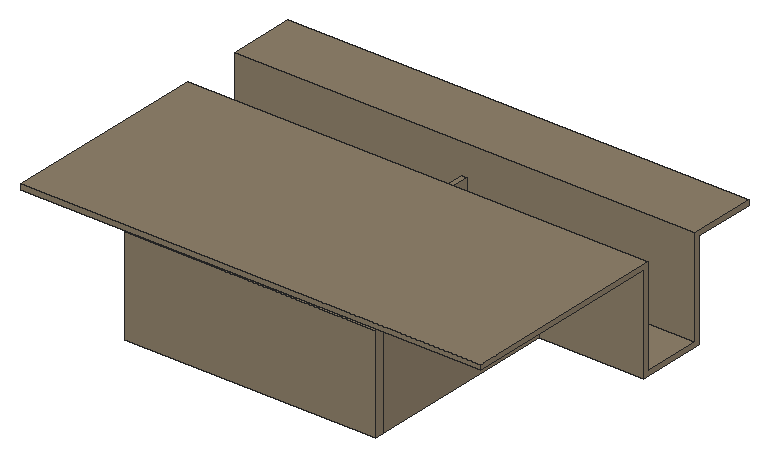
Revit family "Grek-LivingDivani", category Furniture, Revit 2014
Parameters (values of type "110x80")
  URL = "http://www.livingdivani.it"
  Sporgenza tavolino = 25 cm
  Model = "Grek"
  Mat. Struttura = Wood Shake
  Manufacturer = "LivingDivani"
  Codice prodotto = "GREV110"
Types (2, lengths in cm): name | Sporgenza tavolino | Codice prodotto
  150x80 | 45 | "GREV150"
  110x80 | 25 | "GREV110"
Reference planes (cm)
  plane 1 "Centro (Fronte/Retro)": y = 0
  plane 2: z = 0
  plane 3 "Centro (Sinistra/Destra)": x = 0
  plane 4: x = -29.9447
  plane 5: x = 30.0553
Forms (cm)
  Extrusion 1, solid, material "Wood Shake" <- "Mat. Struttura"
    sketch origin (55.0553, 161.4409, -101.9233) x (0, -1, 0) y (0, 0, 1)
      loop
        line (137.4409, 126.4233) -> (121.4409, 126.4233) -> (121.4409, 125.2233) -> (136.2409, 125.2233) -> (136.2409, 101.9233) -> (152.6409, 101.9233) -> (152.6409, 125.2233) -> (201.4409, 125.2233) -> (201.4409, 126.4233) -> (151.4409, 126.4233) -> (151.4409, 103.1233) -> (137.4409, 103.1233) -> (137.4409, 126.4233)
    from 0 to 110
  Extrusion 2, solid, material "Wood Shake" <- "Mat. Struttura"
    sketch origin (0, 0, 0) x (1, 0, 0) y (0, 1, 0)
      loop
        line (-0.5447, 24) -> (-0.5447, 10) -> (0.6553, 10) -> (0.6553, 24) -> (-0.5447, 24)
    from 1.2 to 17.3
  Extrusion 3, solid, material "Wood Shake" <- "Mat. Struttura"
    sketch origin (0, 0, 0) x (1, 0, 0) y (0, 1, 0)
      loop
        line (30.0553, -37.5) -> (30.0553, 8.8) -> (-29.9447, 8.8) -> (-29.9447, -37.5) -> (30.0553, -37.5)
    from 0 to 23.3
  Extrusion 4, solid, material "Wood Shake" <- "Mat. Struttura"
    sketch origin (0, 0, 0) x (1, 0, 0) y (0, 1, 0)
      loop
        line (-29.9447, -38) -> (-29.9447, -40) -> (30.0553, -40) -> (30.0553, -38) -> (-29.9447, -38)
    from 0 to 23
Dimensions and locks (cm)
  plane 4 to plane 3 "Centro (Sinistra/Destra)" to plane 5 = 29.9447 cm locked, 30.0553 cm locked
  "Sporgenza tavolino": Extrusion 1 to plane 4
  "Sporgenza tavolino": plane 5 to Extrusion 1
  aligned and locked: level to plane 2
Automatic sketch dimensions
  Extrusion 1 sketch curve to level = 0 cm
  Extrusion 1 sketch curve to plane 1 "Centro (Fronte/Retro)" = 40 cm
  Extrusion 1 sketch curve to Extrusion 1 sketch curve = 14.8 cm
  Extrusion 1 sketch curve to Extrusion 1 sketch curve = 1.2 cm  (x4)
  Extrusion 1 sketch curve to plane 1 "Centro (Fronte/Retro)" = 10 cm
  plane 1 "Centro (Fronte/Retro)" to Extrusion 1 sketch curve = 40 cm
  level to Extrusion 1 sketch curve = 1.2 cm
  Extrusion 1 sketch curve to Extrusion 1 sketch curve = 22.1 cm
  Extrusion 1 sketch curve to Extrusion 1 sketch curve = 0 cm
  Extrusion 2 sketch curve to plane 3 "Centro (Sinistra/Destra)" = 0.5447 cm
  plane 3 "Centro (Sinistra/Destra)" to Extrusion 2 sketch curve = 0.6553 cm
  Extrusion 2 sketch curve to plane 1 "Centro (Fronte/Retro)" = 10 cm
  Extrusion 2 sketch curve to Extrusion 2 sketch curve = 14 cm
  Extrusion 3 sketch curve to plane 4 = 0 cm
  Extrusion 3 sketch curve to plane 5 = 0 cm
  plane 1 "Centro (Fronte/Retro)" to Extrusion 3 sketch curve = 37.5 cm
  Extrusion 3 sketch curve to plane 1 "Centro (Fronte/Retro)" = 8.8 cm
  Extrusion 4 sketch curve to plane 4 = 0 cm
  Extrusion 4 sketch curve to plane 5 = 0 cm
  plane 1 "Centro (Fronte/Retro)" to Extrusion 4 sketch curve = 40 cm
  Extrusion 4 sketch curve to Extrusion 4 sketch curve = 2 cm
